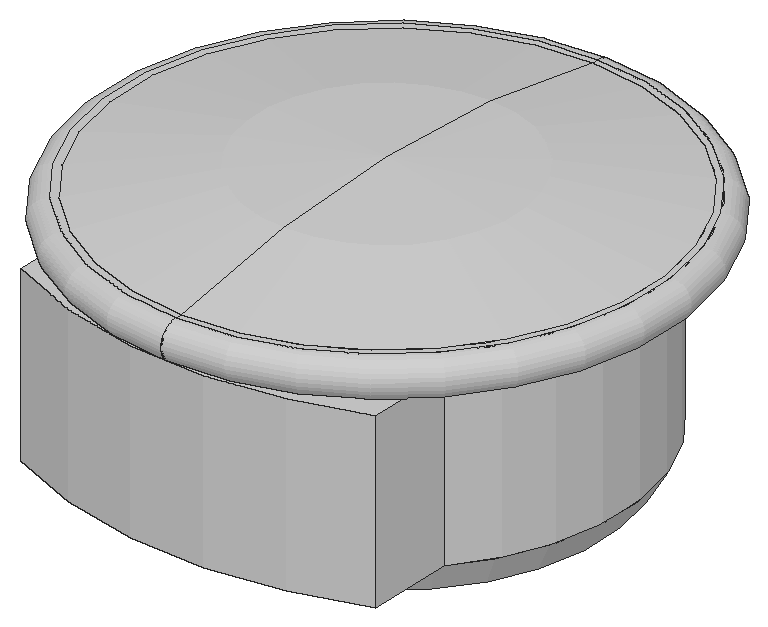
Revit family "09. Plumbing_Fixtures_Grohe_Talentofill_19952000_14_METRIC", category Plumbing Fixtures, host Face, Revit 2014
Parameters
  _distributed by = "www.bimstore.co.uk"
  _current revision = 1  # constant formula
  _created by = ""
  _authorized by = "Joe Shaw"  # constant formula
  _BIMspec_GUID = 0
  Width = 91 mm  # constant formula
  Waste Connection = no
  WarrantyStartDate [instance] = ""
  WarrantyGuarantorParts = ""
  WarrantyGuarantorLabor = ""
  WarrantyDurationUnit = "Years"  # constant formula
  WarrantyDurationParts = ""
  WarrantyDurationLabor = ""
  WarrantyDuration = ""
  WarrantyDescription = ""
  Warranty Infomation = "N/A"
  WFU = 0
  Vent Connection = no
  URL = "www.grohe.com"
  TypeName = Type Comments  # "Inlet, pop-up and waste system"
  Type Comments = "Inlet, pop-up and waste system"
  TagNumber = ""
  SpareParts = ""
  Spare Parts List = "http://www.grohe.com/30898/search/search-result/product-details/?product=19952-X999&color=000&material=19952000"
  Size = ""
  Shape = ""
  SerialNumber [instance] = ""
  ReplacementCost = ""
  ReferencedStandard = ""
  ProductionYear = "2015"  # constant formula
  Product Page URL = "http://www.grohe.com/30898/search/search-result/product-details/?product=19952-X999&color=000&material=19952000"
  Plate Width = 173 mm
  Percentage of Recycled Content = 0
  Operating Pressure = ""
  Valve Offset [instance] = 0 mm
  Name = Model  # "Talentofill - 19952000"
  NBSReference = "45-35-70/330"  # constant formula
  NBSObjectName = "Shower fittings package"  # constant formula
  NBSNote = ""
  NBSDescription = "Shower fittings package"  # constant formula
  ModelNumber = "19952000"  # constant formula
  Model = "Talentofill - 19952000"  # constant formula
  Material = "Chrome"  # constant formula
  Masterformat Title [instance] = "Residential Faucets, Supplies, and Trim"  # constant formula
  Masterformat Number [instance] = "22 41 39"  # constant formula
  Manufacturer = "Grohe AG"  # constant formula
  Low Emitting Material = no
  Length = 197 mm  # constant formula
  LEED Credit = ""
  Keynote = "N13"
  InstallationDate [instance] = ""
  Industry Standards = "N/A"  # constant formula
  Hot Water Connection Diameter = 9.6 mm
  Height = 210 mm  # constant formula
  HWFU = 0
  HW Connection = no
  Grade = ""
  Flow Rate = ""
  Finish = "Chrome"  # constant formula
  Features = ""
  Extidentifier = ""
  ExpectedLife = 0
  Ecojoy = no
  DurationUnit = "Years"  # constant formula
  DocumentationTechnical = "https://specifi.bimstore.co.uk/document/share/1198"
  DocumentationMaintenance = "https://specifi.bimstore.co.uk/document/share/1197"
  DocumentationLiterature = ""
  DocumentationInstallationGuide = ""
  DocumentationCertificates = ""
  Description = "Inlet, pop-up and waste-system\r\nset for final installation"
  Depth = 43 mm
  Default Elevation = 600 mm
  CreatedOn = "December 2015"  # constant formula
  CreatedBy = "info-uk@grohe.com"  # constant formula
  Cost = 0
  Contact Grohe = "GROHE Limited, World Business Centre 2, Newall Road, London Heathrow Airport, Hounslow, Middlesex, TW6 2SF - Tel: +44 (0) 871 200 3414 - Fax: +44 (0) 871 200 3415 - EMail: info-uk@grohe.com"  # constant formula
  Constituents = ""
  Color = "Chrome"  # constant formula
  Cold Water Connection Diameter = 9.6 mm
  CodePerformance = ""
  ClassificationValue = "Pr_40_20_87_75"  # constant formula
  ClassificationName = "Uniclass2015"  # constant formula
  CWFU = 0
  CW Connection = no
  Base Material = Grohe-Chrome
  BarCode [instance] = ""
  AssetType = "Fixed"  # constant formula
  AssetIdentifier = ""
  Assembly Code = "C1030220"
  AccessibilityPerformance = ""
  ADA Compliant = yes
Reference planes
  plane 1 "Center (Front/Back)": y = 0
  plane 2: z = 0
  plane 3 "Center (Left/Right)": x = 0
  plane 4: z = 0
  plane 5: z = 43
  plane 6: y = 45.5
  plane 7: y = -45.5
Forms (mm)
  Revolve 1, solid, material "Grohe-Chrome" <- "Base Material"
    sketch origin (0, 0, 0) x (0, 1, 0) y (0, 0, 1)
      loop
        line (-34.777, 0) -> (0, 0) -> (0, 43)
        arc (0, 43) -> (-20.827, 41.96) -> (-41.382, 38.447) r 174.756
        line (-41.382, 38.447) -> (-42.472, 38.447)
        arc (-42.472, 38.447) -> (-45.491, 35.429) -> (-42.472, 32.41) r 3.019
        line (-42.472, 32.41) -> (-37.501, 32.41) -> (-37.501, 4.717) -> (-34.777, 0)
      axis (0, 43) -> (0, 0)
    angle from 0 to 360
  Extrusion 2, solid, material "Grohe-Chrome" <- "Base Material"
    sketch origin (2.188, 1.25, 0) x (1, 0, 0) y (0, 1, 0)
      loop
        line (-31.99, -20.082) -> (-31.99, -37.85)
        arc (-31.99, -37.85) -> (-2.949, -44.79) -> (26.375, -39.16) r 70.913
        line (26.375, -39.16) -> (26.375, -20.082) -> (-31.99, -20.082)
    from 4.717 to 32.41
Cuts and joins
  joined: Revolve 1, Extrusion 2
Dimensions and locks
  "Depth": plane 5 to level
  equal spacing: plane 6, plane 1 "Center (Front/Back)", plane 7
  "Width": plane 6 to plane 7
  aligned and locked: plane 2 to host face
  aligned and locked: level to host face
  aligned and locked: Revolve 1 sketch curve to plane 1 "Center (Front/Back)"
Automatic sketch dimensions
  host sketch curve to host sketch curve = 2438.4 mm  (x2)
  Revolve 1 sketch curve to level = 0 mm
  Revolve 1 sketch curve to plane 1 "Center (Front/Back)" = 0 mm
  Revolve 1 sketch curve to plane 5 = 0 mm
  plane 1 "Center (Front/Back)" to Revolve 1 sketch curve = 1.716 mm
  Revolve 1 sketch curve to plane 7 = 10.723 mm
  Revolve 1 sketch curve to plane 7 = 7.999 mm
  Revolve 1 sketch curve to plane 7 = 4.118 mm
  Revolve 1 sketch curve to plane 7 = 3.028 mm
  Revolve 1 sketch curve to level = 131.748 mm
  level to Revolve 1 sketch curve = 4.717 mm
  Revolve 1 sketch curve to Revolve 1 sketch curve = 6.037 mm
  Revolve 1 sketch curve to Revolve 1 sketch curve = 477.852 mm
  plane 5 to Revolve 1 sketch curve = 2300.807 mm
  Extrusion 2 sketch curve to plane 7 = 8.9 mm
  plane 3 "Center (Left/Right)" to Extrusion 2 sketch curve = 0.83 mm
  plane 1 "Center (Front/Back)" to Extrusion 2 sketch curve = 18.832 mm
  plane 6 to Extrusion 2 sketch curve = 18.144 mm
  Extrusion 2 sketch curve to plane 7 = 7.59 mm
  Extrusion 2 sketch curve to plane 3 "Center (Left/Right)" = 29.803 mm
